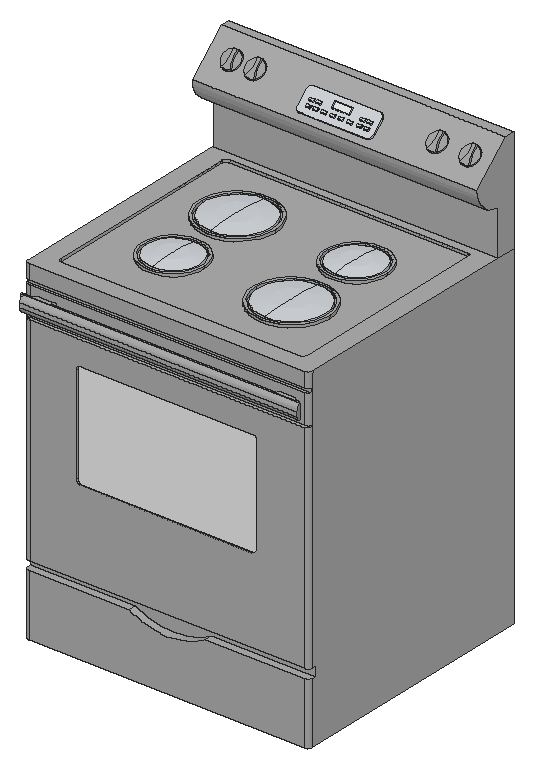
Revit family "JB258DM_CLEAN_ELECTRIC_RANGE", category Specialty Equipment, Revit 2019
Family settings
  Round Connector Dimension = Use Diameter
  Part Type = Normal
  Work Plane-Based = No
  Always vertical = Yes
  Cut with Voids When Loaded = No
  Shared = No
  Room Calculation Point = No
Parameters (values of type "JB258FM_CLEAN_ELECTRIC_RANGE_1")
  Model = "JB258DM/GM/RM"
  Manufacturer = "GE APPLIANCES"
  M_OT_RANGE = M_OT_RANGE
  M_GL_RANGE = M_GL_RANGE
  L_RANGE [instance] = 2' - 6"
  H_RANGE [instance] = H_FOOT + H_BODY + H_PART  # 3' - 11"
  H_PART [instance] = 0' - 11"
  H_FOOT [instance] = 0' - 0 1/2"
  H_BODY [instance] = 2' - 11 1/2"
  Description = "GE® 30\" Free-Standing Self Clean Electric Range"
  D_RANGE [instance] = 2' - 4"
Types (2): name | Manufacturer | H_FOOT | H_BODY
  JB258FM_CLEAN_ELECTRIC_RANGE_1 | "GE APPLIANCES" | 0' - 0 1/2" | 2' - 11 1/2"
  JB258FM_CLEAN_ELECTRIC_RANGE_2 | "GE APLIANCES" | 0' - 0 1/4" | 2' - 11 3/4"
Reference planes (in)
  plane 1 "Center (Front/Back)": y = 0
  plane 2: z = 0
  plane 3 "Center (Left/Right)": x = 0
  plane 4: z = 47
  plane 5: y = 14
  plane 6: y = -14
  plane 7: x = -15
  plane 8: x = 15
Forms (in)
  Extrusion 1, solid, material "M_OT_RANGE" <- "M_OT_RANGE"
    sketch origin (0, 0, 0) x (1, 0, 0) y (0, 1, 0)
      loop
        line (-15, 14) -> (-15, -12.43595)
        arc (-15, -12.43595) -> (-14.85355, -12.7895) -> (-14.5, -12.93595) r 0.5
        line (-14.5, -12.93595) -> (14.5, -12.93595)
        arc (14.5, -12.93595) -> (14.85355, -12.7895) -> (15, -12.43595) r 0.5
        line (15, -12.43595) -> (15, 14) -> (-15, 14)
    from 0.5 to 36
  Extrusion 2, void
    sketch origin (0, 0, -4) x (1, 0, 0) y (0, 0, 1)
      loop
        line (-15, 11) -> (-4, 11)
        arc (-4, 11) -> (0, 9.91973) -> (4, 11) r 7.94568
        line (4, 11) -> (15, 11) -> (15, 12) -> (-15, 12) -> (-15, 11)
    from 12.06165 to 14
  Extrusion 3, void
    sketch origin (0, 0, 22.75) x (1, 0, 0) y (0, 0, 1)
      loop
        line (-15, 11.25) -> (15, 11.25) -> (15, 11.75) -> (-15, 11.75) -> (-15, 11.25)
    from 12.55668 to 12.93595
  Extrusion 4, void
    sketch origin (0, 0, 19.25) x (1, 0, 0) y (0, 0, 1)
      loop
        line (-15, 11.5) -> (15, 11.5) -> (15, 11.75) -> (-15, 11.75) -> (-15, 11.5)
    from 12.55668 to 12.93595
  Extrusion 5, void
    sketch origin (0, 0, 0) x (1, 0, 0) y (0, 0, 1)
      loop
        arc (9, 17) -> (9.35355, 17.14645) -> (9.5, 17.5) r 0.5
        line (9.5, 17.5) -> (9.5, 27.75)
        arc (9.5, 27.75) -> (9.35355, 28.10355) -> (9, 28.25) r 0.5
        line (9, 28.25) -> (-9, 28.25)
        arc (-9, 28.25) -> (-9.35355, 28.10355) -> (-9.5, 27.75) r 0.5
        line (-9.5, 27.75) -> (-9.5, 17.5)
        arc (-9.5, 17.5) -> (-9.35355, 17.14645) -> (-9, 17) r 0.5
        line (-9, 17) -> (9, 17)
    from 12.68716 to 12.93595
  Extrusion 6, solid, material "M_GL_RANGE" <- "M_GL_RANGE"
    sketch origin (0, 0, 0) x (1, 0, 0) y (0, 0, 1)
      loop
        arc (9, 17) -> (9.35355, 17.14645) -> (9.5, 17.5) r 0.5
        line (9.5, 17.5) -> (9.5, 27.75)
        arc (9.5, 27.75) -> (9.35355, 28.10355) -> (9, 28.25) r 0.5
        line (9, 28.25) -> (-9, 28.25)
        arc (-9, 28.25) -> (-9.35355, 28.10355) -> (-9.5, 27.75) r 0.5
        line (-9.5, 27.75) -> (-9.5, 17.5)
        arc (-9.5, 17.5) -> (-9.35355, 17.14645) -> (-9, 17) r 0.5
        line (-9, 17) -> (9, 17)
    from 12.68716 to 12.83954
  Extrusion 7, solid, material "M_OT_RANGE" <- "M_OT_RANGE"
    sketch origin (0, 0, 0) x (0, 1, 0) y (0, 0, 1)
      loop
        line (14, 36) -> (14, 47) -> (13, 47) -> (9.21872, 43.5)
        arc (9.21872, 43.5) -> (10.01458, 41.57862) -> (11.93595, 40.78276) r 2.71724
        line (11.93595, 40.78276) -> (11.93595, 36) -> (14, 36)
    from -15 to 15
  Extrusion 8, solid, material "M_OT_RANGE" <- "M_OT_RANGE"
    sketch origin (0, 0, 0) x (1, 0, 0) y (0, 1, 0)
      loop
        circle (-10, -9) r 1.5
      loop
        circle (-10, 9) r 1.5
      loop
        circle (10, 9) r 1.5
      loop
        circle (10, -9) r 1.5
    from 0 to 0.5
  Extrusion 9, void
    sketch origin (0, 0, 0) x (1, 0, 0) y (0, 1, 0)
      loop
        line (-13, 10.5) -> (-13, -10.6257)
        arc (-13, -10.6257) -> (-12.85355, -10.97925) -> (-12.5, -11.1257) r 0.5
        line (-12.5, -11.1257) -> (12.5, -11.1257)
        arc (12.5, -11.1257) -> (12.85355, -10.97925) -> (13, -10.6257) r 0.5
        line (13, -10.6257) -> (13, 10.5)
        arc (13, 10.5) -> (12.85355, 10.85355) -> (12.5, 11) r 0.5
        line (12.5, 11) -> (-12.5, 11)
        arc (-12.5, 11) -> (-12.85355, 10.85355) -> (-13, 10.5) r 0.5
    from 35.75 to 36.86281
  Extrusion 10, solid, material "M_OT_RANGE" <- "M_OT_RANGE"
    sketch origin (0, 0, -0.375) x (0, 1, 0) y (0, 0, 1)
      loop
        line (-13.34581, 33.63647) -> (-13.5, 33.63647)
        arc (-13.5, 33.63647) -> (-13.85355, 33.49002) -> (-14, 33.13647) r 0.5
        line (-14, 33.13647) -> (-14, 32.63647)
        arc (-14, 32.63647) -> (-13.85355, 32.28292) -> (-13.5, 32.13647) r 0.5
        line (-13.5, 32.13647) -> (-13.34581, 32.13647) -> (-13.34581, 33.63647)
    from -15 to 15
  Extrusion 11, void
    sketch origin (0, 0, 0) x (1, 0, 0) y (0, 1, 0)
      loop
        line (15, -14) -> (15, -13.34581) -> (14.08063, -13.34581)
        arc (14.08063, -13.34581) -> (14.46949, -13.56987) -> (14.59756, -14) r 0.60598
        line (14.59756, -14) -> (15, -14)
      loop
        line (-15, -14) -> (-14.62845, -14)
        arc (-14.62845, -14) -> (-14.55987, -13.67195) -> (-14.32191, -13.43595) r 0.58267
        line (-14.32191, -13.43595) -> (-15, -13.43595) -> (-15, -14)
    from 31.76147 to 33.26147
  Extrusion 12, solid, material "M_OT_RANGE" <- "M_OT_RANGE"
    sketch origin (0, 0, 0) x (1, 0, 0) y (0, 1, 0)
      loop
        line (-14, -13.43595) -> (-11.75, -13.43595)
        arc (-11.75, -13.43595) -> (-11.91914, -13.18595) -> (-11.75, -12.93595) r 0.26933
        line (-11.75, -12.93595) -> (-13.5, -12.93595) -> (-14, -13.43595)
      loop
        line (14, -13.43595) -> (13.5, -12.93595) -> (11.75, -12.93595)
        arc (11.75, -12.93595) -> (11.91914, -13.18595) -> (11.75, -13.43595) r 0.26933
        line (11.75, -13.43595) -> (14, -13.43595)
    from 31.76147 to 33.26147
  Extrusion 13, solid, material "M_OT_RANGE" <- "M_OT_RANGE"
    sketch origin (0, 0, 0) x (1, 0, 0) y (0, 1, 0)
      loop
        circle (6.25, 4.1875) r 3
      loop
        circle (-6.25, -4.3132) r 3
      loop
        circle (-6.25, 4.1875) r 3.75
      loop
        circle (6.25, -4.3132) r 3.75
      loop
        circle (-6.25, 4.1875) r 4
      loop
        circle (6.25, -4.3132) r 4
      loop
        circle (-6.25, -4.3132) r 3.25
      loop
        circle (6.25, 4.1875) r 3.25
    from 35.75 to 36
  Extrusion 14, solid
    sketch origin (0, -29.47262, 21.31819) x (1, 0, 0) y (0, 0.736086, 0.676888)
      loop
        line (3.5, 46.5) -> (-3.5, 46.5)
        arc (-3.5, 46.5) -> (-3.85355, 46.35355) -> (-4, 46) r 0.5
        line (-4, 46) -> (-4, 44.5)
        arc (-4, 44.5) -> (-3.85355, 44.14645) -> (-3.5, 44) r 0.5
        line (-3.5, 44) -> (3.5, 44)
        arc (3.5, 44) -> (3.85355, 44.14645) -> (4, 44.5) r 0.5
        line (4, 44.5) -> (4, 46)
        arc (4, 46) -> (3.85355, 46.35355) -> (3.5, 46.5) r 0.5
    from -8.96164 to -8.89914
  Extrusion 15, solid, material "M_GL_RANGE" <- "M_GL_RANGE"
    sketch origin (0, -29.38405, 21.17933) x (1, 0, 0) y (0, 0.733758, 0.679411)
      loop
        line (0.92011, 46) -> (-0.92969, 46) -> (-0.92969, 45.3274) -> (0.92011, 45.3274) -> (0.92011, 46)
    from -8.95589 to -8.89339
  Extrusion 16, void
    sketch origin (-0.11003, 33.84177, 5.0444) x (1, 0, 0) y (0, 0.735124, 0.677933)
      loop
        line (1.03014, 10.47596) -> (-0.81966, 10.47596) -> (-0.81966, 9.80336) -> (1.03014, 9.80336) -> (1.03014, 10.47596)
    from 45.86007 to 46.00178
Cuts and joins
  Extrusion 2, Extrusion 3, Extrusion 4, Extrusion 5, Extrusion 9, Extrusion 16 cuts Extrusion 1
  Extrusion 9 cuts Extrusion 8
  Extrusion 11 cuts Extrusion 10
  Extrusion 16 cuts Extrusion 14
Lines and regions (in)
  model lines
    curve 1: line (-15, 0, 34.5) -> (15, 0, 34.5)
    curve 2: line (-15, 0, 34) -> (15, 0, 34)
    curve 3: line (-15, 0, 31) -> (15, 0, 31)
Dimensions and locks (in)
  locked: cut or joined group of Extrusion 1, Extrusion 2, Extrusion 3, Extrusion 4, Extrusion 5, Extrusion 9, Extrusion 16 to cut or joined group of Extrusion 1, Extrusion 2, Extrusion 3, Extrusion 4, Extrusion 5, Extrusion 9, Extrusion 16 at 1.5
  locked: cut or joined group of Extrusion 1, Extrusion 2, Extrusion 3, Extrusion 4, Extrusion 5, Extrusion 9, Extrusion 16 to cut or joined group of Extrusion 1, Extrusion 2, Extrusion 3, Extrusion 4, Extrusion 5, Extrusion 9, Extrusion 16 at 6.5
  locked: cut or joined group of Extrusion 1, Extrusion 2, Extrusion 3, Extrusion 4, Extrusion 5, Extrusion 9, Extrusion 16 to cut or joined group of Extrusion 1, Extrusion 2, Extrusion 3, Extrusion 4, Extrusion 5, Extrusion 9, Extrusion 16 at 0.5
  locked: cut or joined group of Extrusion 1, Extrusion 2, Extrusion 3, Extrusion 4, Extrusion 5, Extrusion 9, Extrusion 16 to cut or joined group of Extrusion 1, Extrusion 2, Extrusion 3, Extrusion 4, Extrusion 5, Extrusion 9, Extrusion 16 at 1
  locked: cut or joined group of Extrusion 1, Extrusion 2, Extrusion 3, Extrusion 4, Extrusion 5, Extrusion 9, Extrusion 16 to cut or joined group of Extrusion 1, Extrusion 2, Extrusion 3, Extrusion 4, Extrusion 5, Extrusion 9, Extrusion 16 at 0.25  (x2)
  "H_RANGE": plane 4 to plane 2
  locked: Extrusion 7 sketch curve to Extrusion 7 sketch curve at 1
  Extrusion 7 sketch curve to Extrusion 7 sketch curve = 0' - 11"
  locked: Extrusion 7 sketch curve to Extrusion 7 sketch curve at 4.78276
  "H_FOOT": Extrusion 8 to cut or joined group of Extrusion 1, Extrusion 2, Extrusion 3, Extrusion 4, Extrusion 5, Extrusion 9, Extrusion 16
  "H_BODY": cut or joined group of Extrusion 1, Extrusion 2, Extrusion 3, Extrusion 4, Extrusion 5, Extrusion 9, Extrusion 16 to cut or joined group of Extrusion 1, Extrusion 2, Extrusion 3, Extrusion 4, Extrusion 5, Extrusion 9, Extrusion 16
  "H_PART": Extrusion 7 to Extrusion 7
  "D_RANGE": plane 5 to plane 6
  "L_RANGE": plane 7 to plane 8
  equal spacing: plane 5, plane 1 "Center (Front/Back)", plane 6
  equal spacing: plane 7, plane 3 "Center (Left/Right)", plane 8
  locked: Extrusion 12 sketch curve to Extrusion 12 sketch curve at 0.5  (x2)
  locked: Extrusion 12 to cut or joined group of Extrusion 10, Extrusion 11 at 0.56405
  locked: cut or joined group of Extrusion 1, Extrusion 2, Extrusion 3, Extrusion 4, Extrusion 5, Extrusion 9, Extrusion 16 to Extrusion 12 at 0.37928  (x2)
  locked: Extrusion 6 to Extrusion 6 at 0.15238
  locked: Extrusion 6 to cut or joined group of Extrusion 1, Extrusion 2, Extrusion 3, Extrusion 4, Extrusion 5, Extrusion 9, Extrusion 16 at 0.24879
  locked: cut or joined group of Extrusion 1, Extrusion 2, Extrusion 3, Extrusion 4, Extrusion 5, Extrusion 9, Extrusion 16 to cut or joined group of Extrusion 1, Extrusion 2, Extrusion 3, Extrusion 4, Extrusion 5, Extrusion 9, Extrusion 16 at 0.8743
  locked: Extrusion 14 to Extrusion 14 at 0.0625
  locked: Extrusion 15 to Extrusion 15 at 0.0625
  aligned and locked: level to plane 2
  aligned and locked: Extrusion 7 sketch curve to cut or joined group of Extrusion 1, Extrusion 2, Extrusion 3, Extrusion 4, Extrusion 5, Extrusion 9, Extrusion 16
  aligned and locked: plane 4 to Extrusion 7
  aligned and locked: Extrusion 7 to cut or joined group of Extrusion 1, Extrusion 2, Extrusion 3, Extrusion 4, Extrusion 5, Extrusion 9, Extrusion 16  (x4)
  aligned and locked: cut or joined group of Extrusion 1, Extrusion 2, Extrusion 3, Extrusion 4, Extrusion 5, Extrusion 9, Extrusion 16 to Extrusion 7  (x2)
  aligned and locked: Extrusion 8 to cut or joined group of Extrusion 1, Extrusion 2, Extrusion 3, Extrusion 4, Extrusion 5, Extrusion 9, Extrusion 16
  aligned and locked: plane 5 to cut or joined group of Extrusion 1, Extrusion 2, Extrusion 3, Extrusion 4, Extrusion 5, Extrusion 9, Extrusion 16
  aligned and locked: cut or joined group of Extrusion 1, Extrusion 2, Extrusion 3, Extrusion 4, Extrusion 5, Extrusion 9, Extrusion 16 to cut or joined group of Extrusion 1, Extrusion 2, Extrusion 3, Extrusion 4, Extrusion 5, Extrusion 9, Extrusion 16
  aligned and locked: cut or joined group of Extrusion 1, Extrusion 2, Extrusion 3, Extrusion 4, Extrusion 5, Extrusion 9, Extrusion 16 to Extrusion 10  (x2)
  aligned and locked: Extrusion 11 to Extrusion 10  (x5)
  aligned and locked: cut or joined group of Extrusion 10, Extrusion 11 to Extrusion 12  (x2)
  aligned and locked: Extrusion 12 to cut or joined group of Extrusion 1, Extrusion 2, Extrusion 3, Extrusion 4, Extrusion 5, Extrusion 9, Extrusion 16  (x2)
  aligned and locked: plane 6 to cut or joined group of Extrusion 10, Extrusion 11
  aligned and locked: plane 7 to cut or joined group of Extrusion 1, Extrusion 2, Extrusion 3, Extrusion 4, Extrusion 5, Extrusion 9, Extrusion 16
  aligned and locked: plane 8 to cut or joined group of Extrusion 1, Extrusion 2, Extrusion 3, Extrusion 4, Extrusion 5, Extrusion 9, Extrusion 16
  aligned and locked: cut or joined group of Extrusion 1, Extrusion 2, Extrusion 3, Extrusion 4, Extrusion 5, Extrusion 9, Extrusion 16 to Extrusion 12 sketch curve
  aligned and locked: Extrusion 12 sketch curve to cut or joined group of Extrusion 1, Extrusion 2, Extrusion 3, Extrusion 4, Extrusion 5, Extrusion 9, Extrusion 16
  aligned and locked: Extrusion 12 to Extrusion 3
  aligned and locked: Extrusion 4 to Extrusion 3
  aligned and locked: Extrusion 5 to Extrusion 4
  aligned and locked: Extrusion 5 to Extrusion 6
  aligned and locked: cut or joined group of Extrusion 1, Extrusion 2, Extrusion 3, Extrusion 4, Extrusion 5, Extrusion 9, Extrusion 16 to Extrusion 13  (x2)
  aligned and locked: Extrusion 15 to cut or joined group of Extrusion 14, Extrusion 16
  aligned and locked: cut or joined group of Extrusion 14, Extrusion 16 to Extrusion 15
  aligned and locked: Extrusion 2 to cut or joined group of Extrusion 10, Extrusion 11
Automatic sketch dimensions
  curve 3 to plane 7 = 0' - 0"
  curve 2 to plane 7 = 0' - 0"
  curve 1 to plane 7 = 0' - 0"
  curve 2 to plane 8 = 0' - 0"
  curve 3 to plane 8 = 0' - 0"
  curve 1 to plane 8 = 0' - 0"
  curve 3 to plane 4 = 1' - 4"
  curve 3 to curve 2 = 0' - 3"
  curve 2 to curve 1 = 0' - 0 1/2"
  Extrusion 1 sketch curve to plane 5 = 0' - 0"
  Extrusion 1 sketch curve to plane 7 = 0' - 0"
  Extrusion 1 sketch curve to plane 8 = 0' - 0"
  plane 7 to Extrusion 1 sketch curve = 0' - 0 1/2"
  Extrusion 1 sketch curve to plane 8 = 0' - 0 1/2"
  plane 6 to Extrusion 1 sketch curve = 0' - 1.56405"
  Extrusion 2 sketch curve to plane 7 = 0' - 0"
  Extrusion 2 sketch curve to plane 3 "Center (Left/Right)" = 0' - 0"
  Extrusion 2 sketch curve to plane 8 = 0' - 0"
  Extrusion 2 sketch curve to plane 3 "Center (Left/Right)" = 0' - 4"
  plane 3 "Center (Left/Right)" to Extrusion 2 sketch curve = 0' - 4"
  level to Extrusion 2 sketch curve = 0' - 7"
  Extrusion 2 sketch curve to Extrusion 2 sketch curve = 0' - 1"
  Extrusion 2 sketch curve to Extrusion 2 sketch curve = 0' - 6.86541"
  Extrusion 3 sketch curve to plane 7 = 0' - 0"
  Extrusion 3 sketch curve to plane 8 = 0' - 0"
  Extrusion 3 sketch curve to plane 4 = 1' - 1"
  Extrusion 3 sketch curve to Extrusion 3 sketch curve = 0' - 0 1/2"
  Extrusion 4 sketch curve to plane 7 = 0' - 0"
  Extrusion 4 sketch curve to plane 8 = 0' - 0"
  Extrusion 4 sketch curve to plane 4 = 1' - 4 1/4"
  Extrusion 4 sketch curve to Extrusion 4 sketch curve = 0' - 0 1/4"
  plane 7 to Extrusion 5 sketch curve = 0' - 5 1/2"
  Extrusion 5 sketch curve to Extrusion 5 sketch curve = 0' - 0 1/2"  (x3)
  Extrusion 5 sketch curve to plane 8 = 0' - 6"  (x2)
  level to Extrusion 5 sketch curve = 1' - 5"
  Extrusion 5 sketch curve to Extrusion 5 sketch curve = 0' - 10 1/4"
  plane 7 to Extrusion 6 sketch curve = 0' - 5 1/2"
  Extrusion 6 sketch curve to Extrusion 6 sketch curve = 0' - 0 1/2"  (x3)
  Extrusion 6 sketch curve to plane 8 = 0' - 6"  (x2)
  level to Extrusion 6 sketch curve = 1' - 5"
  Extrusion 6 sketch curve to Extrusion 6 sketch curve = 0' - 10 1/4"
  Extrusion 7 sketch curve to plane 5 = 0' - 0"
  Extrusion 7 sketch curve to plane 5 = 0' - 2.06405"
  Extrusion 7 sketch curve to plane 4 = 0' - 3 1/2"
  plane 7 to Extrusion 8 sketch curve = 0' - 5"  (x2)
  Extrusion 8 sketch curve to plane 8 = 0' - 5"  (x2)
  plane 6 to Extrusion 8 sketch curve = 0' - 5"  (x2)
  Extrusion 8 sketch curve to plane 5 = 0' - 5"  (x2)
  Extrusion 10 sketch curve to plane 6 = 0' - 0"
  plane 6 to Extrusion 10 sketch curve = 0' - 0 1/2"  (x2)
  Extrusion 10 sketch curve to Extrusion 10 sketch curve = 0' - 0.15419"
  Extrusion 10 sketch curve to plane 4 = 1' - 3.23853"
  Extrusion 10 sketch curve to Extrusion 10 sketch curve = 0' - 0 1/2"
  Extrusion 11 sketch curve to plane 6 = 0' - 0"  (x2)
  Extrusion 11 sketch curve to plane 7 = 0' - 0"
  Extrusion 11 sketch curve to plane 8 = 0' - 0"
  Extrusion 11 sketch curve to Extrusion 11 sketch curve = 0' - 0.37155"
  Extrusion 11 sketch curve to Extrusion 11 sketch curve = 0' - 0.30654"
  plane 6 to Extrusion 11 sketch curve = 0' - 0.04982"
  Extrusion 11 sketch curve to Extrusion 11 sketch curve = 0' - 0.27399"
  plane 6 to Extrusion 11 sketch curve = 0' - 0.05444"
  Extrusion 11 sketch curve to plane 8 = 0' - 1.00597"
  Extrusion 11 sketch curve to Extrusion 11 sketch curve = 0' - 0.08661"
  Extrusion 11 sketch curve to plane 8 = 0' - 0.40244"
  plane 7 to Extrusion 12 sketch curve = 0' - 1"
  Extrusion 12 sketch curve to Extrusion 12 sketch curve = 0' - 0 1/2"  (x2)
  Extrusion 12 sketch curve to Extrusion 12 sketch curve = 0' - 1 3/4"
  Extrusion 12 sketch curve to Extrusion 12 sketch curve = 0' - 0"
  Extrusion 12 sketch curve to Extrusion 12 sketch curve = 0' - 0.10019"  (x3)
  Extrusion 12 sketch curve to plane 8 = 0' - 3.35019"
  Extrusion 12 sketch curve to plane 8 = 0' - 1 1/2"
  Extrusion 13 sketch curve to plane 3 "Center (Left/Right)" = 0' - 6 1/4"  (x2)
  Extrusion 13 sketch curve to plane 1 "Center (Front/Back)" = 0' - 4 3/16"  (x2)
  plane 3 "Center (Left/Right)" to Extrusion 13 sketch curve = 0' - 6 1/4"  (x2)
  plane 1 "Center (Front/Back)" to Extrusion 13 sketch curve = 0' - 4.3132"  (x2)
  Extrusion 13 sketch curve to Extrusion 13 sketch curve = 0' - 0"  (x8)
  Extrusion 9 sketch curve to Extrusion 9 sketch curve = 0' - 0 1/2"  (x2)
  Extrusion 9 sketch curve to plane 8 = 0' - 2 1/2"  (x2)
  Extrusion 9 sketch curve to plane 5 = 0' - 3 1/2"
  plane 7 to Extrusion 9 sketch curve = 0' - 2 1/2"
  plane 6 to Extrusion 9 sketch curve = 0' - 3.3743"
  plane 7 to Extrusion 9 sketch curve = 0' - 2"
  Extrusion 14 sketch curve to plane 3 "Center (Left/Right)" = 0' - 4"
  Extrusion 14 sketch curve to Extrusion 14 sketch curve = 0' - 0 1/2"  (x3)
  plane 3 "Center (Left/Right)" to Extrusion 14 sketch curve = 0' - 3 1/2"
  Extrusion 14 sketch curve to Extrusion 14 sketch curve = 0' - 0"
  Extrusion 14 sketch curve to Extrusion 14 sketch curve = 0' - 1 1/2"
  Extrusion 15 sketch curve to plane 3 "Center (Left/Right)" = 0' - 0 119/128"
  plane 3 "Center (Left/Right)" to Extrusion 15 sketch curve = 0' - 0.92011"
  Extrusion 15 sketch curve to Extrusion 15 sketch curve = 0' - 0.6726"
  Extrusion 16 sketch curve to plane 3 "Center (Left/Right)" = 0' - 0 119/128"
  plane 3 "Center (Left/Right)" to Extrusion 16 sketch curve = 0' - 0.92011"
  Extrusion 16 sketch curve to Extrusion 16 sketch curve = 0' - 0.6726"
  radius of Extrusion 8 sketch curve = 0' - 1 1/2"  (x4)
  radius of Extrusion 13 sketch curve = 0' - 3"  (x2)
  radius of Extrusion 13 sketch curve = 0' - 3 3/4"  (x2)
  radius of Extrusion 13 sketch curve = 0' - 4"  (x2)
  radius of Extrusion 13 sketch curve = 0' - 3 1/4"  (x2)
Nested families (in)
  nested 1: "Family2" at (-12.5, 11.22757, 45.35942) x (1, 0, 0) z (0, -0.6793, 0.7339), type "Family2"
  nested 2: "Family2" at (-10, 11.22757, 45.35942) x (1, 0, 0) z (0, -0.6793, 0.7339), type "Family2"
  nested 3: "Family2" at (12.75, 11.12155, 45.26129) x (-1, 0, 0) z (0, -0.6793, 0.7339), type "Family2"
  nested 4: "Family2" at (9.25, 11.14026, 45.27861) x (-1, 0, 0) z (0, -0.6793, 0.7339), type "Family2"
  nested 5: "Family3" at (-3, 9.95216, 45.48251) x (1, 0, 0) z (0, -0.6769, 0.7361), type "Family3"
  nested 6: "Family3" at (-2.25, 9.95216, 45.48251) x (1, 0, 0) z (0, -0.6769, 0.7361), type "Family3"
  nested 7: "Family3" at (-3, 9.50541, 45.07169) x (1, 0, 0) z (0, -0.6769, 0.7361), type "Family3"
  nested 8: "Family3" at (-2.25, 9.50541, 45.07169) x (1, 0, 0) z (0, -0.6769, 0.7361), type "Family3"
  nested 9: "Family3" at (-1.36154, 9.50541, 45.07169) x (1, 0, 0) z (0, -0.6769, 0.7361), type "Family3"
  nested 10: "Family3" at (-0.45529, 9.50541, 45.07169) x (1, 0, 0) z (0, -0.6769, 0.7361), type "Family3"
  nested 11: "Family3" at (0.41822, 9.50541, 45.07169) x (1, 0, 0) z (0, -0.6769, 0.7361), type "Family3"
  nested 12: "Family3" at (1.35572, 9.50541, 45.07169) x (1, 0, 0) z (0, -0.6769, 0.7361), type "Family3"
  nested 13: "Family3" at (2.36481, 9.95216, 45.48251) x (1, 0, 0) z (0, -0.6769, 0.7361), type "Family3"
  nested 14: "Family3" at (3.11481, 9.95216, 45.48251) x (1, 0, 0) z (0, -0.6769, 0.7361), type "Family3"
  nested 15: "Family3" at (2.36481, 9.50541, 45.07169) x (1, 0, 0) z (0, -0.6769, 0.7361), type "Family3"
  nested 16: "Family3" at (3.11481, 9.50541, 45.07169) x (1, 0, 0) z (0, -0.6769, 0.7361), type "Family3"
  nested 17: "Family4" at (-6.2622, 4.18743, 35.75), type "Family4"
  nested 18: "Family4" at (6.25408, -4.3125, 35.75), type "Family4"
  nested 19: "Family1" at (6.25081, 4.21616, 35.75) x (1, 0.0003, 0) z (0, 0, 1), type "Family1"
  nested 20: "Family1" at (-6.23186, -4.28797, 35.75) x (1, 0.0061, 0) z (0, 0, 1), type "Family1"
Definition of nested family "Family2"
  Parameters (values of type "Family2")
    M_OT_BUTTON = none
    Default Elevation = 4' - 0"
  Reference planes (in)
    plane 1 "Center (Front/Back)": y = 0
    plane 2: z = 0
    plane 3 "Center (Left/Right)": x = 0
  Forms (in)
    Extrusion 1, solid
      sketch origin (0, 0, 0) x (1, 0, 0) y (0, 1, 0)
        loop
          line (-48, 48) -> (-48, -48) -> (48, -48) -> (48, 48) -> (-48, 48)
      from 0 to -12
    Extrusion 2, solid, material <- "M_OT_BUTTON"
      sketch origin (0, 0, 0) x (1, 0, 0) y (0, 1, 0)
        loop
          circle (0, 0) r 1
      from 0 to 0.0625
    Extrusion 3, solid, material <- "M_OT_BUTTON"
      sketch origin (0, 0, 0) x (1, 0, 0) y (0, 1, 0)
        loop
          arc (0, 1) -> (-0.10424, 0.99455) -> (-0.20734, 0.97827) r 1
          arc (-0.20734, 0.97827) -> (-0.18599, 0.02714) -> (-0.47825, -0.87822) r 2.85574
          arc (-0.47825, -0.87822) -> (-0.24676, -0.96908) -> (0, -1) r 1
          arc (0, -1) -> (0.24676, -0.96908) -> (0.47825, -0.87822) r 1
          arc (0.47825, -0.87822) -> (0.18599, 0.02714) -> (0.20734, 0.97827) r 2.85574
          arc (0.20734, 0.97827) -> (0.10424, 0.99455) -> (0, 1) r 1
      from 0.0625 to 0.1875
  Dimensions and locks (in)
    aligned and locked: plane 2 to Extrusion 1
    aligned and locked: level to Extrusion 1
    aligned and locked: Extrusion 3 to Extrusion 2
Definition of nested family "Family3"
  Parameters (values of type "Family3")
    Default Elevation = 4' - 0"
  Reference planes (in)
    plane 1 "Center (Front/Back)": y = 0
    plane 2: z = 0
    plane 3 "Center (Left/Right)": x = 0
  Forms (in)
    Extrusion 1, solid
      sketch origin (0, 0, 0) x (1, 0, 0) y (0, 1, 0)
        loop
          line (-48, 48) -> (-48, -48) -> (48, -48) -> (48, 48) -> (-48, 48)
      from 0 to -12
    Extrusion 2, solid
      sketch origin (0, 0, 0) x (1, 0, 0) y (0, 1, 0)
        loop
          line (0.1875, 0.125) -> (-0.1875, 0.125)
          arc (-0.1875, 0.125) -> (-0.23169, 0.10669) -> (-0.25, 0.0625) r 0.0625
          line (-0.25, 0.0625) -> (-0.25, -0.0625)
          arc (-0.25, -0.0625) -> (-0.23169, -0.10669) -> (-0.1875, -0.125) r 0.0625
          line (-0.1875, -0.125) -> (0.1875, -0.125)
          arc (0.1875, -0.125) -> (0.23169, -0.10669) -> (0.25, -0.0625) r 0.0625
          line (0.25, -0.0625) -> (0.25, 0.0625)
          arc (0.25, 0.0625) -> (0.23169, 0.10669) -> (0.1875, 0.125) r 0.0625
      from 0 to 0.0625
  Dimensions and locks (in)
    locked: Extrusion 2 to Extrusion 2 at 0.0625
    aligned and locked: plane 2 to Extrusion 1
    aligned and locked: level to Extrusion 1
Definition of nested family "Family4"
  Parameters (values of type "Family4")
    M_OT_TOP = none
    Default Elevation = 4' - 0"
  Reference planes (in)
    plane 1 "Center (Front/Back)": y = 0
    plane 2: z = 0
    plane 3 "Center (Left/Right)": x = 0
  Forms (in)
    Extrusion 1, solid
      sketch origin (0, 0, 0) x (1, 0, 0) y (0, 1, 0)
        loop
          line (-48, 48) -> (-48, -48) -> (48, -48) -> (48, 48) -> (-48, 48)
      from 0 to -12
    Revolve 2, solid, material <- "M_OT_TOP"
      sketch origin (0, 0, 0) x (0, 1, 0) y (0, 0, 1)
        loop
          line (0, 0) -> (0, 0.5)
          arc (0, 0.5) -> (-1.75696, 0.47243) -> (-3.5, 0.25) r 15.80523
          line (-3.5, 0.25) -> (-3.5, 0) -> (0, 0)
        axis (0, 0.5) -> (0, 0)
      angle from 0 to 360
  Dimensions and locks (in)
    aligned and locked: plane 2 to Extrusion 1
    aligned and locked: level to Extrusion 1
Definition of nested family "Family1"
  Parameters (values of type "Family1")
    Default Elevation = 4' - 0"
  Reference planes (in)
    plane 1 "Center (Front/Back)": y = 0
    plane 2: z = 0
    plane 3 "Center (Left/Right)": x = 0
  Forms (in)
    Extrusion 1, solid
      sketch origin (0, 0, 0) x (1, 0, 0) y (0, 1, 0)
        loop
          line (-48, 48) -> (-48, -48) -> (48, -48) -> (48, 48) -> (-48, 48)
      from 0 to -12
    Revolve 2, solid
      sketch origin (0, 0, 0) x (0, 1, 0) y (0, 0, 1)
        loop
          line (0, 0) -> (0, 0.5)
          arc (0, 0.5) -> (-1.38518, 0.48698) -> (-2.75, 0.25) r 8.53317
          line (-2.75, 0.25) -> (-2.75, 0) -> (0, 0)
        axis (0, 0.5) -> (0, 0)
      angle from 0 to 360
  Dimensions and locks (in)
    aligned and locked: plane 2 to Extrusion 1
    aligned and locked: level to Extrusion 1
